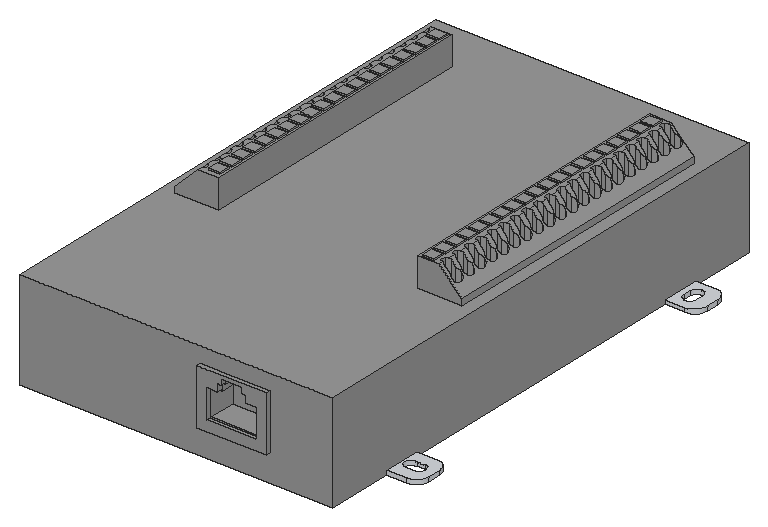
Revit family "IO Controler MS660414M", category Datengeräte, Revit 2023
Family settings
  Bemaßung runder Anschluss = Durchmesser verwenden
  Teiletyp = Normal
  OmniClass-Nummer = 23.85.50.17
  OmniClass-Titel = Communication and Data Processing Equipment
  Arbeitsebenenbasiert = Nein
  Immer vertikal = Ja
  Beim Laden mit Abzugskörper schneiden = Nein
  Beschriftungsausrichtung beibehalten = Nein
  Gemeinsam genutzt = Nein
  Raumberechnungspunkt = Nein
Parameters (values of type "I/O Controler MS660414M")
  Vorgabe-Ansicht = 0 mm
  Material 2 = Kunststoff
  Material = Metallverkleidung
  Anschluss 3 = "1x 24VDC Ausgang"
  Hersteller = "MICROSENS"
  Beschreibung = "Smart I/O Controller Digital"
  Anschluss 4 = "1x 24VDC Eingang"
  Artikelnummer = "MS660414M"
  Anschluss 5 = "1x 10/100TX RJ-45 PoE+ PD"
  Anschluss 2 = "8x I/O Output"
  Anschluss 1 = "10x I/O Input"
Reference planes
  plane 1 "Mitte (Vorne/Hinten)": y = 0
  plane 2: z = 0
  plane 3 "Mitte (Links/Rechts)": x = 0
Forms (mm)
  Extrusion 1, solid, material "Kunststoff" <- "Material 2"
    sketch origin (3.16, 4.554, 0) x (1, 0, 0) y (0, 1, 0)
      loop
        line (-41.16, 58.646) -> (-41.16, -67.754) -> (34.875, -67.754) -> (34.875, 58.646) -> (-41.16, 58.646)
    from 0 to 23.973
  Extrusion 2, solid
    sketch origin (0, -0.01, 0) x (1, 0, 0) y (0, 1, 0)
      loop
        line (-38.035, 46.952) -> (-43.035, 46.952)
        arc (-43.035, 46.952) -> (-45.157, 46.073) -> (-46.035, 43.952) r 3
        line (-46.035, 43.952) -> (-46.035, 40.752)
        arc (-46.035, 40.752) -> (-45.157, 38.631) -> (-43.035, 37.752) r 3
        line (-43.035, 37.752) -> (-38.035, 37.752) -> (-38.035, 46.952)
      loop
        arc (-42.435, 43.952) -> (-44.035, 42.352) -> (-42.435, 40.752) r 1.6
        line (-42.435, 40.752) -> (-40.435, 40.752)
        arc (-40.435, 40.752) -> (-38.835, 42.352) -> (-40.435, 43.952) r 1.6
        line (-40.435, 43.952) -> (-42.435, 43.952)
    from 0 to 1
  Extrusion 3, solid
    sketch origin (0, -0.01, 0) x (-1, 0, 0) y (0, -1, 0)
      loop
        line (-38.035, -46.952) -> (-38.035, -37.752) -> (-43.035, -37.752)
        arc (-43.035, -37.752) -> (-45.157, -38.631) -> (-46.035, -40.752) r 3
        line (-46.035, -40.752) -> (-46.035, -43.952)
        arc (-46.035, -43.952) -> (-45.157, -46.073) -> (-43.035, -46.952) r 3
        line (-43.035, -46.952) -> (-38.035, -46.952)
      loop
        arc (-42.965, -43.363) -> (-41.365, -44.963) -> (-39.765, -43.363) r 1.6
        line (-39.765, -43.363) -> (-39.765, -41.363)
        arc (-39.765, -41.363) -> (-41.365, -39.763) -> (-42.965, -41.363) r 1.6
        line (-42.965, -41.363) -> (-42.965, -43.363)
    from 0 to 1
  Extrusion 4, solid
    sketch origin (0, 0.01, 0) x (-1, 0, 0) y (0, -1, 0)
      loop
        line (-38.035, 46.952) -> (-43.035, 46.952)
        arc (-43.035, 46.952) -> (-45.157, 46.073) -> (-46.035, 43.952) r 3
        line (-46.035, 43.952) -> (-46.035, 40.752)
        arc (-46.035, 40.752) -> (-45.157, 38.631) -> (-43.035, 37.752) r 3
        line (-43.035, 37.752) -> (-38.035, 37.752) -> (-38.035, 46.952)
      loop
        arc (-42.435, 43.952) -> (-44.035, 42.352) -> (-42.435, 40.752) r 1.6
        line (-42.435, 40.752) -> (-40.435, 40.752)
        arc (-40.435, 40.752) -> (-38.835, 42.352) -> (-40.435, 43.952) r 1.6
        line (-40.435, 43.952) -> (-42.435, 43.952)
    from 0 to 1
  Extrusion 5, solid, material "Metallverkleidung" <- "Material"
    sketch origin (0, 0.01, 0) x (1, 0, 0) y (0, 1, 0)
      loop
        line (-38, -46.952) -> (-38, -37.752) -> (-43.035, -37.752)
        arc (-43.035, -37.752) -> (-45.157, -38.631) -> (-46.035, -40.752) r 3
        line (-46.035, -40.752) -> (-46.035, -43.952)
        arc (-46.035, -43.952) -> (-45.157, -46.073) -> (-43.035, -46.952) r 3
        line (-43.035, -46.952) -> (-38, -46.952)
      loop
        arc (-39.835, -41.408) -> (-41.435, -39.808) -> (-43.035, -41.408) r 1.6
        line (-43.035, -41.408) -> (-43.035, -43.408)
        arc (-43.035, -43.408) -> (-41.435, -45.008) -> (-39.835, -43.408) r 1.6
        line (-39.835, -43.408) -> (-39.835, -41.408)
    from 0 to 1
  Extrusion 6, solid, material "Kunststoff" <- "Material 2"
    sketch origin (-1.331, 0, -2.5) x (1, 0, 0) y (0, 0, 1)
      loop
        line (36.207, 26.473) -> (36.207, 27.874) -> (30.627, 33.454) -> (25.541, 33.454) -> (25.541, 26.473) -> (36.207, 26.473)
    from -50.477 to 20.023
  Extrusion 7, solid, material "Kunststoff" <- "Material 2"
    sketch origin (0, 0, 0) x (1, 0, 0) y (0, 1, 0)
      loop
        line (24.915, -19.523) -> (27.715, -19.523) -> (27.715, -16.823) -> (24.915, -16.823) -> (24.915, -19.523)
    from 30.954 to 31.282
  Extrusion 8, solid, material "Kunststoff" <- "Material 2"
    sketch origin (0, 3.5, 0) x (1, 0, 0) y (0, 1, 0)
      loop
        line (24.915, -19.523) -> (27.715, -19.523) -> (27.715, -16.823) -> (24.915, -16.823) -> (24.915, -19.523)
    from 30.954 to 31.282
  Extrusion 9, solid, material "Kunststoff" <- "Material 2"
    sketch origin (0, 7, 0) x (1, 0, 0) y (0, 1, 0)
      loop
        line (24.915, -19.523) -> (27.715, -19.523) -> (27.715, -16.823) -> (24.915, -16.823) -> (24.915, -19.523)
    from 30.954 to 31.282
  Extrusion 10, solid, material "Kunststoff" <- "Material 2"
    sketch origin (0, 10.5, 0) x (1, 0, 0) y (0, 1, 0)
      loop
        line (24.915, -19.523) -> (27.715, -19.523) -> (27.715, -16.823) -> (24.915, -16.823) -> (24.915, -19.523)
    from 30.954 to 31.282
  Extrusion 11, solid, material "Kunststoff" <- "Material 2"
    sketch origin (0, 14, 0) x (1, 0, 0) y (0, 1, 0)
      loop
        line (24.915, -19.523) -> (27.715, -19.523) -> (27.715, -16.823) -> (24.915, -16.823) -> (24.915, -19.523)
    from 30.954 to 31.282
  Extrusion 12, solid, material "Kunststoff" <- "Material 2"
    sketch origin (0, 17.5, 0) x (1, 0, 0) y (0, 1, 0)
      loop
        line (24.915, -19.523) -> (27.715, -19.523) -> (27.715, -16.823) -> (24.915, -16.823) -> (24.915, -19.523)
    from 30.954 to 31.282
  Extrusion 13, solid, material "Kunststoff" <- "Material 2"
    sketch origin (0, 21, 0) x (1, 0, 0) y (0, 1, 0)
      loop
        line (24.915, -19.523) -> (27.715, -19.523) -> (27.715, -16.823) -> (24.915, -16.823) -> (24.915, -19.523)
    from 30.954 to 31.282
  Extrusion 14, solid, material "Kunststoff" <- "Material 2"
    sketch origin (0, 24.5, 0) x (1, 0, 0) y (0, 1, 0)
      loop
        line (24.915, -19.523) -> (27.715, -19.523) -> (27.715, -16.823) -> (24.915, -16.823) -> (24.915, -19.523)
    from 30.954 to 31.282
  Extrusion 15, solid, material "Kunststoff" <- "Material 2"
    sketch origin (0, 28, 0) x (1, 0, 0) y (0, 1, 0)
      loop
        line (24.915, -19.523) -> (27.715, -19.523) -> (27.715, -16.823) -> (24.915, -16.823) -> (24.915, -19.523)
    from 30.954 to 31.282
  Extrusion 16, solid, material "Kunststoff" <- "Material 2"
    sketch origin (0, 31.5, 0) x (1, 0, 0) y (0, 1, 0)
      loop
        line (24.915, -19.523) -> (27.715, -19.523) -> (27.715, -16.823) -> (24.915, -16.823) -> (24.915, -19.523)
    from 30.954 to 31.282
  Extrusion 17, solid, material "Kunststoff" <- "Material 2"
    sketch origin (0, 35, 0) x (1, 0, 0) y (0, 1, 0)
      loop
        line (24.915, -19.523) -> (27.715, -19.523) -> (27.715, -16.823) -> (24.915, -16.823) -> (24.915, -19.523)
    from 30.954 to 31.282
  Extrusion 18, solid, material "Kunststoff" <- "Material 2"
    sketch origin (0, 38.5, 0) x (1, 0, 0) y (0, 1, 0)
      loop
        line (24.915, -19.523) -> (27.715, -19.523) -> (27.715, -16.823) -> (24.915, -16.823) -> (24.915, -19.523)
    from 30.954 to 31.282
  Extrusion 19, solid, material "Kunststoff" <- "Material 2"
    sketch origin (0, 42, 0) x (1, 0, 0) y (0, 1, 0)
      loop
        line (24.915, -19.523) -> (27.715, -19.523) -> (27.715, -16.823) -> (24.915, -16.823) -> (24.915, -19.523)
    from 30.954 to 31.282
  Extrusion 20, solid, material "Kunststoff" <- "Material 2"
    sketch origin (0, 45.5, 0) x (1, 0, 0) y (0, 1, 0)
      loop
        line (24.915, -19.523) -> (27.715, -19.523) -> (27.715, -16.823) -> (24.915, -16.823) -> (24.915, -19.523)
    from 30.954 to 31.282
  Extrusion 21, solid, material "Kunststoff" <- "Material 2"
    sketch origin (0, 49, 0) x (1, 0, 0) y (0, 1, 0)
      loop
        line (24.915, -19.523) -> (27.715, -19.523) -> (27.715, -16.823) -> (24.915, -16.823) -> (24.915, -19.523)
    from 30.954 to 31.282
  Extrusion 22, solid, material "Kunststoff" <- "Material 2"
    sketch origin (0, 52.5, 0) x (1, 0, 0) y (0, 1, 0)
      loop
        line (24.915, -19.523) -> (27.715, -19.523) -> (27.715, -16.823) -> (24.915, -16.823) -> (24.915, -19.523)
    from 30.954 to 31.282
  Extrusion 23, solid, material "Kunststoff" <- "Material 2"
    sketch origin (0, 56, 0) x (1, 0, 0) y (0, 1, 0)
      loop
        line (24.915, -19.523) -> (27.715, -19.523) -> (27.715, -16.823) -> (24.915, -16.823) -> (24.915, -19.523)
    from 30.954 to 31.282
  Extrusion 24, solid, material "Kunststoff" <- "Material 2"
    sketch origin (0, 59.5, 0) x (1, 0, 0) y (0, 1, 0)
      loop
        line (24.915, -19.523) -> (27.715, -19.523) -> (27.715, -16.823) -> (24.915, -16.823) -> (24.915, -19.523)
    from 30.954 to 31.282
  Extrusion 25, solid, material "Kunststoff" <- "Material 2"
    sketch origin (0, 63, 0) x (1, 0, 0) y (0, 1, 0)
      loop
        line (24.915, -19.523) -> (27.715, -19.523) -> (27.715, -16.823) -> (24.915, -16.823) -> (24.915, -19.523)
    from 30.954 to 31.282
  Extrusion 26, solid, material "Kunststoff" <- "Material 2"
    sketch origin (0, 66.5, 0) x (1, 0, 0) y (0, 1, 0)
      loop
        line (24.915, -19.523) -> (27.715, -19.523) -> (27.715, -16.823) -> (24.915, -16.823) -> (24.915, -19.523)
    from 30.954 to 31.282
  Extrusion 27, void
    sketch origin (8.123, 3.438, 0) x (1, 0, 0) y (0, 1, 0)
      loop
        arc (20.475, -17.212) -> (20.392, -17.759) -> (20.463, -18.308) r 1.991
        line (20.463, -18.308) -> (21.388, -18.842) -> (22.682, -18.842) -> (23.589, -19.366) -> (24.372, -19.001) -> (24.787, -18.121)
        arc (24.787, -18.121) -> (24.798, -17.59) -> (24.714, -17.066) r 3
        line (24.714, -17.066) -> (24.308, -16.315) -> (23.48, -16.014) -> (22.7, -16.561) -> (21.406, -16.561) -> (20.475, -17.212)
    from 23.973 to 33.421
  Extrusion 28, void
    sketch origin (8.123, 6.938, 0) x (1, 0, 0) y (0, 1, 0)
      loop
        arc (20.475, -17.212) -> (20.392, -17.759) -> (20.463, -18.308) r 1.991
        line (20.463, -18.308) -> (21.388, -18.842) -> (22.682, -18.842) -> (23.589, -19.366) -> (24.372, -19.001) -> (24.787, -18.121)
        arc (24.787, -18.121) -> (24.798, -17.59) -> (24.714, -17.066) r 3
        line (24.714, -17.066) -> (24.308, -16.315) -> (23.48, -16.014) -> (22.7, -16.561) -> (21.406, -16.561) -> (20.475, -17.212)
    from 23.973 to 33.421
  Extrusion 29, void
    sketch origin (8.123, 10.438, 0) x (1, 0, 0) y (0, 1, 0)
      loop
        arc (20.475, -17.212) -> (20.392, -17.759) -> (20.463, -18.308) r 1.991
        line (20.463, -18.308) -> (21.388, -18.842) -> (22.682, -18.842) -> (23.589, -19.366) -> (24.372, -19.001) -> (24.787, -18.121)
        arc (24.787, -18.121) -> (24.798, -17.59) -> (24.714, -17.066) r 3
        line (24.714, -17.066) -> (24.308, -16.315) -> (23.48, -16.014) -> (22.7, -16.561) -> (21.406, -16.561) -> (20.475, -17.212)
    from 23.973 to 33.421
  Extrusion 30, void
    sketch origin (8.123, 13.938, 0) x (1, 0, 0) y (0, 1, 0)
      loop
        arc (20.475, -17.212) -> (20.392, -17.759) -> (20.463, -18.308) r 1.991
        line (20.463, -18.308) -> (21.388, -18.842) -> (22.682, -18.842) -> (23.589, -19.366) -> (24.372, -19.001) -> (24.787, -18.121)
        arc (24.787, -18.121) -> (24.798, -17.59) -> (24.714, -17.066) r 3
        line (24.714, -17.066) -> (24.308, -16.315) -> (23.48, -16.014) -> (22.7, -16.561) -> (21.406, -16.561) -> (20.475, -17.212)
    from 23.973 to 33.421
  Extrusion 31, void
    sketch origin (8.123, 17.438, 0) x (1, 0, 0) y (0, 1, 0)
      loop
        arc (20.475, -17.212) -> (20.392, -17.759) -> (20.463, -18.308) r 1.991
        line (20.463, -18.308) -> (21.388, -18.842) -> (22.682, -18.842) -> (23.589, -19.366) -> (24.372, -19.001) -> (24.787, -18.121)
        arc (24.787, -18.121) -> (24.798, -17.59) -> (24.714, -17.066) r 3
        line (24.714, -17.066) -> (24.308, -16.315) -> (23.48, -16.014) -> (22.7, -16.561) -> (21.406, -16.561) -> (20.475, -17.212)
    from 23.973 to 33.421
  Extrusion 32, void
    sketch origin (8.123, 20.938, 0) x (1, 0, 0) y (0, 1, 0)
      loop
        arc (20.475, -17.212) -> (20.392, -17.759) -> (20.463, -18.308) r 1.991
        line (20.463, -18.308) -> (21.388, -18.842) -> (22.682, -18.842) -> (23.589, -19.366) -> (24.372, -19.001) -> (24.787, -18.121)
        arc (24.787, -18.121) -> (24.798, -17.59) -> (24.714, -17.066) r 3
        line (24.714, -17.066) -> (24.308, -16.315) -> (23.48, -16.014) -> (22.7, -16.561) -> (21.406, -16.561) -> (20.475, -17.212)
    from 23.973 to 33.421
  Extrusion 33, void
    sketch origin (8.123, 24.438, 0) x (1, 0, 0) y (0, 1, 0)
      loop
        arc (20.475, -17.212) -> (20.392, -17.759) -> (20.463, -18.308) r 1.991
        line (20.463, -18.308) -> (21.388, -18.842) -> (22.682, -18.842) -> (23.589, -19.366) -> (24.372, -19.001) -> (24.787, -18.121)
        arc (24.787, -18.121) -> (24.798, -17.59) -> (24.714, -17.066) r 3
        line (24.714, -17.066) -> (24.308, -16.315) -> (23.48, -16.014) -> (22.7, -16.561) -> (21.406, -16.561) -> (20.475, -17.212)
    from 23.973 to 33.421
  Extrusion 34, void
    sketch origin (8.123, 27.938, 0) x (1, 0, 0) y (0, 1, 0)
      loop
        arc (20.475, -17.212) -> (20.392, -17.759) -> (20.463, -18.308) r 1.991
        line (20.463, -18.308) -> (21.388, -18.842) -> (22.682, -18.842) -> (23.589, -19.366) -> (24.372, -19.001) -> (24.787, -18.121)
        arc (24.787, -18.121) -> (24.798, -17.59) -> (24.714, -17.066) r 3
        line (24.714, -17.066) -> (24.308, -16.315) -> (23.48, -16.014) -> (22.7, -16.561) -> (21.406, -16.561) -> (20.475, -17.212)
    from 23.973 to 33.421
  Extrusion 35, void
    sketch origin (8.123, 31.438, 0) x (1, 0, 0) y (0, 1, 0)
      loop
        arc (20.475, -17.212) -> (20.392, -17.759) -> (20.463, -18.308) r 1.991
        line (20.463, -18.308) -> (21.388, -18.842) -> (22.682, -18.842) -> (23.589, -19.366) -> (24.372, -19.001) -> (24.787, -18.121)
        arc (24.787, -18.121) -> (24.798, -17.59) -> (24.714, -17.066) r 3
        line (24.714, -17.066) -> (24.308, -16.315) -> (23.48, -16.014) -> (22.7, -16.561) -> (21.406, -16.561) -> (20.475, -17.212)
    from 23.973 to 33.421
  Extrusion 36, void
    sketch origin (8.123, 34.938, 0) x (1, 0, 0) y (0, 1, 0)
      loop
        arc (20.475, -17.212) -> (20.392, -17.759) -> (20.463, -18.308) r 1.991
        line (20.463, -18.308) -> (21.388, -18.842) -> (22.682, -18.842) -> (23.589, -19.366) -> (24.372, -19.001) -> (24.787, -18.121)
        arc (24.787, -18.121) -> (24.798, -17.59) -> (24.714, -17.066) r 3
        line (24.714, -17.066) -> (24.308, -16.315) -> (23.48, -16.014) -> (22.7, -16.561) -> (21.406, -16.561) -> (20.475, -17.212)
    from 23.973 to 33.421
  Extrusion 37, void
    sketch origin (8.123, 38.438, 0) x (1, 0, 0) y (0, 1, 0)
      loop
        arc (20.475, -17.212) -> (20.392, -17.759) -> (20.463, -18.308) r 1.991
        line (20.463, -18.308) -> (21.388, -18.842) -> (22.682, -18.842) -> (23.589, -19.366) -> (24.372, -19.001) -> (24.787, -18.121)
        arc (24.787, -18.121) -> (24.798, -17.59) -> (24.714, -17.066) r 3
        line (24.714, -17.066) -> (24.308, -16.315) -> (23.48, -16.014) -> (22.7, -16.561) -> (21.406, -16.561) -> (20.475, -17.212)
    from 23.973 to 33.421
  Extrusion 38, void
    sketch origin (8.123, 41.938, 0) x (1, 0, 0) y (0, 1, 0)
      loop
        arc (20.475, -17.212) -> (20.392, -17.759) -> (20.463, -18.308) r 1.991
        line (20.463, -18.308) -> (21.388, -18.842) -> (22.682, -18.842) -> (23.589, -19.366) -> (24.372, -19.001) -> (24.787, -18.121)
        arc (24.787, -18.121) -> (24.798, -17.59) -> (24.714, -17.066) r 3
        line (24.714, -17.066) -> (24.308, -16.315) -> (23.48, -16.014) -> (22.7, -16.561) -> (21.406, -16.561) -> (20.475, -17.212)
    from 23.973 to 33.421
  Extrusion 39, void
    sketch origin (8.123, 45.438, 0) x (1, 0, 0) y (0, 1, 0)
      loop
        arc (20.475, -17.212) -> (20.392, -17.759) -> (20.463, -18.308) r 1.991
        line (20.463, -18.308) -> (21.388, -18.842) -> (22.682, -18.842) -> (23.589, -19.366) -> (24.372, -19.001) -> (24.787, -18.121)
        arc (24.787, -18.121) -> (24.798, -17.59) -> (24.714, -17.066) r 3
        line (24.714, -17.066) -> (24.308, -16.315) -> (23.48, -16.014) -> (22.7, -16.561) -> (21.406, -16.561) -> (20.475, -17.212)
    from 23.973 to 33.421
  Extrusion 40, void
    sketch origin (8.123, 48.938, 0) x (1, 0, 0) y (0, 1, 0)
      loop
        arc (20.475, -17.212) -> (20.392, -17.759) -> (20.463, -18.308) r 1.991
        line (20.463, -18.308) -> (21.388, -18.842) -> (22.682, -18.842) -> (23.589, -19.366) -> (24.372, -19.001) -> (24.787, -18.121)
        arc (24.787, -18.121) -> (24.798, -17.59) -> (24.714, -17.066) r 3
        line (24.714, -17.066) -> (24.308, -16.315) -> (23.48, -16.014) -> (22.7, -16.561) -> (21.406, -16.561) -> (20.475, -17.212)
    from 23.973 to 33.421
  Extrusion 41, void
    sketch origin (8.123, 52.438, 0) x (1, 0, 0) y (0, 1, 0)
      loop
        arc (20.475, -17.212) -> (20.392, -17.759) -> (20.463, -18.308) r 1.991
        line (20.463, -18.308) -> (21.388, -18.842) -> (22.682, -18.842) -> (23.589, -19.366) -> (24.372, -19.001) -> (24.787, -18.121)
        arc (24.787, -18.121) -> (24.798, -17.59) -> (24.714, -17.066) r 3
        line (24.714, -17.066) -> (24.308, -16.315) -> (23.48, -16.014) -> (22.7, -16.561) -> (21.406, -16.561) -> (20.475, -17.212)
    from 23.973 to 33.421
  Extrusion 42, void
    sketch origin (8.123, 55.938, 0) x (1, 0, 0) y (0, 1, 0)
      loop
        arc (20.475, -17.212) -> (20.392, -17.759) -> (20.463, -18.308) r 1.991
        line (20.463, -18.308) -> (21.388, -18.842) -> (22.682, -18.842) -> (23.589, -19.366) -> (24.372, -19.001) -> (24.787, -18.121)
        arc (24.787, -18.121) -> (24.798, -17.59) -> (24.714, -17.066) r 3
        line (24.714, -17.066) -> (24.308, -16.315) -> (23.48, -16.014) -> (22.7, -16.561) -> (21.406, -16.561) -> (20.475, -17.212)
    from 23.973 to 33.421
  Extrusion 43, void
    sketch origin (8.123, 59.438, 0) x (1, 0, 0) y (0, 1, 0)
      loop
        arc (20.475, -17.212) -> (20.392, -17.759) -> (20.463, -18.308) r 1.991
        line (20.463, -18.308) -> (21.388, -18.842) -> (22.682, -18.842) -> (23.589, -19.366) -> (24.372, -19.001) -> (24.787, -18.121)
        arc (24.787, -18.121) -> (24.798, -17.59) -> (24.714, -17.066) r 3
        line (24.714, -17.066) -> (24.308, -16.315) -> (23.48, -16.014) -> (22.7, -16.561) -> (21.406, -16.561) -> (20.475, -17.212)
    from 23.973 to 33.421
  Extrusion 44, void
    sketch origin (8.123, 62.938, 0) x (1, 0, 0) y (0, 1, 0)
      loop
        arc (20.475, -17.212) -> (20.392, -17.759) -> (20.463, -18.308) r 1.991
        line (20.463, -18.308) -> (21.388, -18.842) -> (22.682, -18.842) -> (23.589, -19.366) -> (24.372, -19.001) -> (24.787, -18.121)
        arc (24.787, -18.121) -> (24.798, -17.59) -> (24.714, -17.066) r 3
        line (24.714, -17.066) -> (24.308, -16.315) -> (23.48, -16.014) -> (22.7, -16.561) -> (21.406, -16.561) -> (20.475, -17.212)
    from 23.973 to 33.421
  Extrusion 45, void
    sketch origin (8.12, 66.501, 0) x (1, 0, 0) y (0, 1, 0)
      loop
        arc (20.475, -17.212) -> (20.392, -17.759) -> (20.463, -18.308) r 1.991
        line (20.463, -18.308) -> (21.388, -18.842) -> (22.682, -18.842) -> (23.589, -19.366) -> (24.372, -19.001) -> (24.787, -18.121)
        arc (24.787, -18.121) -> (24.798, -17.59) -> (24.714, -17.066) r 3
        line (24.714, -17.066) -> (24.308, -16.315) -> (23.48, -16.014) -> (22.7, -16.561) -> (21.406, -16.561) -> (20.475, -17.212)
    from 23.973 to 33.421
  Extrusion 46, void
    sketch origin (8.125, -0.119, 0) x (1, 0, 0) y (0, 1, 0)
      loop
        arc (20.475, -17.212) -> (20.392, -17.759) -> (20.463, -18.308) r 1.991
        line (20.463, -18.308) -> (21.388, -18.842) -> (22.682, -18.842) -> (23.589, -19.366) -> (24.372, -19.001) -> (24.787, -18.121)
        arc (24.787, -18.121) -> (24.798, -17.59) -> (24.714, -17.066) r 3
        line (24.714, -17.066) -> (24.308, -16.315) -> (23.48, -16.014) -> (22.7, -16.561) -> (21.406, -16.561) -> (20.475, -17.212)
    from 23.973 to 33.421
  Extrusion 47, solid, material "Kunststoff" <- "Material 2"
    sketch origin (1.26, 30.954, -2.5) x (-1, 0, 0) y (0, 0, 1)
      loop
        line (36.207, 26.473) -> (36.207, 27.874) -> (30.627, 33.454) -> (25.541, 33.454) -> (25.541, 26.473) -> (36.207, 26.473)
    from -50.977 to 20.023
  Extrusion 48, solid, material "Kunststoff" <- "Material 2"
    sketch origin (-0.071, 30.954, 0) x (-1, 0, 0) y (0, -1, 0)
      loop
        line (24.915, -19.523) -> (27.715, -19.523) -> (27.715, -16.823) -> (24.915, -16.823) -> (24.915, -19.523)
    from 30.954 to 31.282
  Extrusion 49, solid, material "Kunststoff" <- "Material 2"
    sketch origin (-0.071, 27.454, 0) x (-1, 0, 0) y (0, -1, 0)
      loop
        line (24.915, -19.523) -> (27.715, -19.523) -> (27.715, -16.823) -> (24.915, -16.823) -> (24.915, -19.523)
    from 30.954 to 31.282
  Extrusion 50, solid, material "Kunststoff" <- "Material 2"
    sketch origin (-0.071, 23.954, 0) x (-1, 0, 0) y (0, -1, 0)
      loop
        line (24.915, -19.523) -> (27.715, -19.523) -> (27.715, -16.823) -> (24.915, -16.823) -> (24.915, -19.523)
    from 30.954 to 31.282
  Extrusion 51, solid, material "Kunststoff" <- "Material 2"
    sketch origin (-0.071, 20.454, 0) x (-1, 0, 0) y (0, -1, 0)
      loop
        line (24.915, -19.523) -> (27.715, -19.523) -> (27.715, -16.823) -> (24.915, -16.823) -> (24.915, -19.523)
    from 30.954 to 31.282
  Extrusion 52, solid, material "Kunststoff" <- "Material 2"
    sketch origin (-0.071, 16.954, 0) x (-1, 0, 0) y (0, -1, 0)
      loop
        line (24.915, -19.523) -> (27.715, -19.523) -> (27.715, -16.823) -> (24.915, -16.823) -> (24.915, -19.523)
    from 30.954 to 31.282
  Extrusion 53, solid, material "Kunststoff" <- "Material 2"
    sketch origin (-0.071, 13.454, 0) x (-1, 0, 0) y (0, -1, 0)
      loop
        line (24.915, -19.523) -> (27.715, -19.523) -> (27.715, -16.823) -> (24.915, -16.823) -> (24.915, -19.523)
    from 30.954 to 31.282
  Extrusion 54, solid, material "Kunststoff" <- "Material 2"
    sketch origin (-0.071, 9.954, 0) x (-1, 0, 0) y (0, -1, 0)
      loop
        line (24.915, -19.523) -> (27.715, -19.523) -> (27.715, -16.823) -> (24.915, -16.823) -> (24.915, -19.523)
    from 30.954 to 31.282
  Extrusion 55, solid, material "Kunststoff" <- "Material 2"
    sketch origin (-0.071, 6.454, 0) x (-1, 0, 0) y (0, -1, 0)
      loop
        line (24.915, -19.523) -> (27.715, -19.523) -> (27.715, -16.823) -> (24.915, -16.823) -> (24.915, -19.523)
    from 30.954 to 31.282
  Extrusion 56, solid, material "Kunststoff" <- "Material 2"
    sketch origin (-0.071, 2.954, 0) x (-1, 0, 0) y (0, -1, 0)
      loop
        line (24.915, -19.523) -> (27.715, -19.523) -> (27.715, -16.823) -> (24.915, -16.823) -> (24.915, -19.523)
    from 30.954 to 31.282
  Extrusion 57, solid, material "Kunststoff" <- "Material 2"
    sketch origin (-0.071, -0.546, 0) x (-1, 0, 0) y (0, -1, 0)
      loop
        line (24.915, -19.523) -> (27.715, -19.523) -> (27.715, -16.823) -> (24.915, -16.823) -> (24.915, -19.523)
    from 30.954 to 31.282
  Extrusion 58, solid, material "Kunststoff" <- "Material 2"
    sketch origin (-0.071, -4.046, 0) x (-1, 0, 0) y (0, -1, 0)
      loop
        line (24.915, -19.523) -> (27.715, -19.523) -> (27.715, -16.823) -> (24.915, -16.823) -> (24.915, -19.523)
    from 30.954 to 31.282
  Extrusion 59, solid, material "Kunststoff" <- "Material 2"
    sketch origin (-0.071, -7.546, 0) x (-1, 0, 0) y (0, -1, 0)
      loop
        line (24.915, -19.523) -> (27.715, -19.523) -> (27.715, -16.823) -> (24.915, -16.823) -> (24.915, -19.523)
    from 30.954 to 31.282
  Extrusion 60, solid, material "Kunststoff" <- "Material 2"
    sketch origin (-0.071, -11.046, 0) x (-1, 0, 0) y (0, -1, 0)
      loop
        line (24.915, -19.523) -> (27.715, -19.523) -> (27.715, -16.823) -> (24.915, -16.823) -> (24.915, -19.523)
    from 30.954 to 31.282
  Extrusion 61, solid, material "Kunststoff" <- "Material 2"
    sketch origin (-0.071, -14.546, 0) x (-1, 0, 0) y (0, -1, 0)
      loop
        line (24.915, -19.523) -> (27.715, -19.523) -> (27.715, -16.823) -> (24.915, -16.823) -> (24.915, -19.523)
    from 30.954 to 31.282
  Extrusion 62, solid, material "Kunststoff" <- "Material 2"
    sketch origin (-0.071, -18.046, 0) x (-1, 0, 0) y (0, -1, 0)
      loop
        line (24.915, -19.523) -> (27.715, -19.523) -> (27.715, -16.823) -> (24.915, -16.823) -> (24.915, -19.523)
    from 30.954 to 31.282
  Extrusion 63, solid, material "Kunststoff" <- "Material 2"
    sketch origin (-0.071, -21.546, 0) x (-1, 0, 0) y (0, -1, 0)
      loop
        line (24.915, -19.523) -> (27.715, -19.523) -> (27.715, -16.823) -> (24.915, -16.823) -> (24.915, -19.523)
    from 30.954 to 31.282
  Extrusion 64, solid, material "Kunststoff" <- "Material 2"
    sketch origin (-0.071, -25.046, 0) x (-1, 0, 0) y (0, -1, 0)
      loop
        line (24.915, -19.523) -> (27.715, -19.523) -> (27.715, -16.823) -> (24.915, -16.823) -> (24.915, -19.523)
    from 30.954 to 31.282
  Extrusion 65, solid, material "Kunststoff" <- "Material 2"
    sketch origin (-0.071, -28.546, 0) x (-1, 0, 0) y (0, -1, 0)
      loop
        line (24.915, -19.523) -> (27.715, -19.523) -> (27.715, -16.823) -> (24.915, -16.823) -> (24.915, -19.523)
    from 30.954 to 31.282
  Extrusion 66, solid, material "Kunststoff" <- "Material 2"
    sketch origin (-0.071, -32.046, 0) x (-1, 0, 0) y (0, -1, 0)
      loop
        line (24.915, -19.523) -> (27.715, -19.523) -> (27.715, -16.823) -> (24.915, -16.823) -> (24.915, -19.523)
    from 30.954 to 31.282
  Extrusion 67, solid, material "Kunststoff" <- "Material 2"
    sketch origin (-0.071, -35.546, 0) x (-1, 0, 0) y (0, -1, 0)
      loop
        line (24.915, -19.523) -> (27.715, -19.523) -> (27.715, -16.823) -> (24.915, -16.823) -> (24.915, -19.523)
    from 30.954 to 31.282
  Extrusion 68, void
    sketch origin (-8.194, 27.868, 0) x (-1, 0, 0) y (0, -1, 0)
      loop
        arc (20.475, -17.212) -> (20.392, -17.759) -> (20.463, -18.308) r 1.991
        line (20.463, -18.308) -> (21.388, -18.842) -> (22.682, -18.842) -> (23.589, -19.366) -> (24.372, -19.001) -> (24.787, -18.121)
        arc (24.787, -18.121) -> (24.798, -17.59) -> (24.714, -17.066) r 3
        line (24.714, -17.066) -> (24.308, -16.315) -> (23.48, -16.014) -> (22.7, -16.561) -> (21.406, -16.561) -> (20.475, -17.212)
    from 23.973 to 33.421
  Extrusion 69, void
    sketch origin (-8.194, 31.399, 0) x (-1, 0, 0) y (0, -1, 0)
      loop
        arc (20.475, -17.212) -> (20.392, -17.759) -> (20.463, -18.308) r 1.991
        line (20.463, -18.308) -> (21.388, -18.842) -> (22.682, -18.842) -> (23.589, -19.366) -> (24.372, -19.001) -> (24.787, -18.121)
        arc (24.787, -18.121) -> (24.798, -17.59) -> (24.714, -17.066) r 3
        line (24.714, -17.066) -> (24.308, -16.315) -> (23.48, -16.014) -> (22.7, -16.561) -> (21.406, -16.561) -> (20.475, -17.212)
    from 23.973 to 33.421
  Extrusion 70, void
    sketch origin (-8.194, 24.354, 0) x (-1, 0, 0) y (0, -1, 0)
      loop
        arc (20.475, -17.212) -> (20.392, -17.759) -> (20.463, -18.308) r 1.991
        line (20.463, -18.308) -> (21.388, -18.842) -> (22.682, -18.842) -> (23.589, -19.366) -> (24.372, -19.001) -> (24.787, -18.121)
        arc (24.787, -18.121) -> (24.798, -17.59) -> (24.714, -17.066) r 3
        line (24.714, -17.066) -> (24.308, -16.315) -> (23.48, -16.014) -> (22.7, -16.561) -> (21.406, -16.561) -> (20.475, -17.212)
    from 23.973 to 33.421
  Extrusion 71, void
    sketch origin (-8.198, 20.804, 0) x (-1, 0, 0) y (0, -1, 0)
      loop
        arc (20.475, -17.212) -> (20.392, -17.759) -> (20.463, -18.308) r 1.991
        line (20.463, -18.308) -> (21.388, -18.842) -> (22.682, -18.842) -> (23.589, -19.366) -> (24.372, -19.001) -> (24.787, -18.121)
        arc (24.787, -18.121) -> (24.798, -17.59) -> (24.714, -17.066) r 3
        line (24.714, -17.066) -> (24.308, -16.315) -> (23.48, -16.014) -> (22.7, -16.561) -> (21.406, -16.561) -> (20.475, -17.212)
    from 23.973 to 33.421
  Extrusion 72, void
    sketch origin (-8.198, 17.21, 0) x (-1, 0, 0) y (0, -1, 0)
      loop
        arc (20.475, -17.212) -> (20.392, -17.759) -> (20.463, -18.308) r 1.991
        line (20.463, -18.308) -> (21.388, -18.842) -> (22.682, -18.842) -> (23.589, -19.366) -> (24.372, -19.001) -> (24.787, -18.121)
        arc (24.787, -18.121) -> (24.798, -17.59) -> (24.714, -17.066) r 3
        line (24.714, -17.066) -> (24.308, -16.315) -> (23.48, -16.014) -> (22.7, -16.561) -> (21.406, -16.561) -> (20.475, -17.212)
    from 23.973 to 33.421
  Extrusion 73, void
    sketch origin (-8.198, 13.694, 0) x (-1, 0, 0) y (0, -1, 0)
      loop
        arc (20.475, -17.212) -> (20.392, -17.759) -> (20.463, -18.308) r 1.991
        line (20.463, -18.308) -> (21.388, -18.842) -> (22.682, -18.842) -> (23.589, -19.366) -> (24.372, -19.001) -> (24.787, -18.121)
        arc (24.787, -18.121) -> (24.798, -17.59) -> (24.714, -17.066) r 3
        line (24.714, -17.066) -> (24.308, -16.315) -> (23.48, -16.014) -> (22.7, -16.561) -> (21.406, -16.561) -> (20.475, -17.212)
    from 23.973 to 33.421
  Extrusion 74, void
    sketch origin (-8.198, 10.087, 0) x (-1, 0, 0) y (0, -1, 0)
      loop
        arc (20.475, -17.212) -> (20.392, -17.759) -> (20.463, -18.308) r 1.991
        line (20.463, -18.308) -> (21.388, -18.842) -> (22.682, -18.842) -> (23.589, -19.366) -> (24.372, -19.001) -> (24.787, -18.121)
        arc (24.787, -18.121) -> (24.798, -17.59) -> (24.714, -17.066) r 3
        line (24.714, -17.066) -> (24.308, -16.315) -> (23.48, -16.014) -> (22.7, -16.561) -> (21.406, -16.561) -> (20.475, -17.212)
    from 23.973 to 33.421
  Extrusion 75, void
    sketch origin (-8.194, 3.031, 0) x (-1, 0, 0) y (0, -1, 0)
      loop
        arc (20.475, -17.212) -> (20.392, -17.759) -> (20.463, -18.308) r 1.991
        line (20.463, -18.308) -> (21.388, -18.842) -> (22.682, -18.842) -> (23.589, -19.366) -> (24.372, -19.001) -> (24.787, -18.121)
        arc (24.787, -18.121) -> (24.798, -17.59) -> (24.714, -17.066) r 3
        line (24.714, -17.066) -> (24.308, -16.315) -> (23.48, -16.014) -> (22.7, -16.561) -> (21.406, -16.561) -> (20.475, -17.212)
    from 23.973 to 33.421
  Extrusion 76, void
    sketch origin (-8.194, 6.562, 0) x (-1, 0, 0) y (0, -1, 0)
      loop
        arc (20.475, -17.212) -> (20.392, -17.759) -> (20.463, -18.308) r 1.991
        line (20.463, -18.308) -> (21.388, -18.842) -> (22.682, -18.842) -> (23.589, -19.366) -> (24.372, -19.001) -> (24.787, -18.121)
        arc (24.787, -18.121) -> (24.798, -17.59) -> (24.714, -17.066) r 3
        line (24.714, -17.066) -> (24.308, -16.315) -> (23.48, -16.014) -> (22.7, -16.561) -> (21.406, -16.561) -> (20.475, -17.212)
    from 23.973 to 33.421
  Extrusion 77, void
    sketch origin (-8.194, -0.482, 0) x (-1, 0, 0) y (0, -1, 0)
      loop
        arc (20.475, -17.212) -> (20.392, -17.759) -> (20.463, -18.308) r 1.991
        line (20.463, -18.308) -> (21.388, -18.842) -> (22.682, -18.842) -> (23.589, -19.366) -> (24.372, -19.001) -> (24.787, -18.121)
        arc (24.787, -18.121) -> (24.798, -17.59) -> (24.714, -17.066) r 3
        line (24.714, -17.066) -> (24.308, -16.315) -> (23.48, -16.014) -> (22.7, -16.561) -> (21.406, -16.561) -> (20.475, -17.212)
    from 23.973 to 33.421
  Extrusion 78, void
    sketch origin (-8.198, -4.033, 0) x (-1, 0, 0) y (0, -1, 0)
      loop
        arc (20.475, -17.212) -> (20.392, -17.759) -> (20.463, -18.308) r 1.991
        line (20.463, -18.308) -> (21.388, -18.842) -> (22.682, -18.842) -> (23.589, -19.366) -> (24.372, -19.001) -> (24.787, -18.121)
        arc (24.787, -18.121) -> (24.798, -17.59) -> (24.714, -17.066) r 3
        line (24.714, -17.066) -> (24.308, -16.315) -> (23.48, -16.014) -> (22.7, -16.561) -> (21.406, -16.561) -> (20.475, -17.212)
    from 23.973 to 33.421
  Extrusion 79, void
    sketch origin (-8.198, -7.549, 0) x (-1, 0, 0) y (0, -1, 0)
      loop
        arc (20.475, -17.212) -> (20.392, -17.759) -> (20.463, -18.308) r 1.991
        line (20.463, -18.308) -> (21.388, -18.842) -> (22.682, -18.842) -> (23.589, -19.366) -> (24.372, -19.001) -> (24.787, -18.121)
        arc (24.787, -18.121) -> (24.798, -17.59) -> (24.714, -17.066) r 3
        line (24.714, -17.066) -> (24.308, -16.315) -> (23.48, -16.014) -> (22.7, -16.561) -> (21.406, -16.561) -> (20.475, -17.212)
    from 23.973 to 33.421
  Extrusion 80, void
    sketch origin (-8.198, -11.046, 0) x (-1, 0, 0) y (0, -1, 0)
      loop
        arc (20.475, -17.212) -> (20.392, -17.759) -> (20.463, -18.308) r 1.991
        line (20.463, -18.308) -> (21.388, -18.842) -> (22.682, -18.842) -> (23.589, -19.366) -> (24.372, -19.001) -> (24.787, -18.121)
        arc (24.787, -18.121) -> (24.798, -17.59) -> (24.714, -17.066) r 3
        line (24.714, -17.066) -> (24.308, -16.315) -> (23.48, -16.014) -> (22.7, -16.561) -> (21.406, -16.561) -> (20.475, -17.212)
    from 23.973 to 33.421
  Extrusion 81, void
    sketch origin (-8.198, -14.555, 0) x (-1, 0, 0) y (0, -1, 0)
      loop
        arc (20.475, -17.212) -> (20.392, -17.759) -> (20.463, -18.308) r 1.991
        line (20.463, -18.308) -> (21.388, -18.842) -> (22.682, -18.842) -> (23.589, -19.366) -> (24.372, -19.001) -> (24.787, -18.121)
        arc (24.787, -18.121) -> (24.798, -17.59) -> (24.714, -17.066) r 3
        line (24.714, -17.066) -> (24.308, -16.315) -> (23.48, -16.014) -> (22.7, -16.561) -> (21.406, -16.561) -> (20.475, -17.212)
    from 23.973 to 33.421
  Extrusion 82, void
    sketch origin (-8.198, -18.063, 0) x (-1, 0, 0) y (0, -1, 0)
      loop
        arc (20.475, -17.212) -> (20.392, -17.759) -> (20.463, -18.308) r 1.991
        line (20.463, -18.308) -> (21.388, -18.842) -> (22.682, -18.842) -> (23.589, -19.366) -> (24.372, -19.001) -> (24.787, -18.121)
        arc (24.787, -18.121) -> (24.798, -17.59) -> (24.714, -17.066) r 3
        line (24.714, -17.066) -> (24.308, -16.315) -> (23.48, -16.014) -> (22.7, -16.561) -> (21.406, -16.561) -> (20.475, -17.212)
    from 23.973 to 33.421
  Extrusion 83, void
    sketch origin (-8.198, -21.56, 0) x (-1, 0, 0) y (0, -1, 0)
      loop
        arc (20.475, -17.212) -> (20.392, -17.759) -> (20.463, -18.308) r 1.991
        line (20.463, -18.308) -> (21.388, -18.842) -> (22.682, -18.842) -> (23.589, -19.366) -> (24.372, -19.001) -> (24.787, -18.121)
        arc (24.787, -18.121) -> (24.798, -17.59) -> (24.714, -17.066) r 3
        line (24.714, -17.066) -> (24.308, -16.315) -> (23.48, -16.014) -> (22.7, -16.561) -> (21.406, -16.561) -> (20.475, -17.212)
    from 23.973 to 33.421
  Extrusion 84, void
    sketch origin (-8.198, -25.06, 0) x (-1, 0, 0) y (0, -1, 0)
      loop
        arc (20.475, -17.212) -> (20.392, -17.759) -> (20.463, -18.308) r 1.991
        line (20.463, -18.308) -> (21.388, -18.842) -> (22.682, -18.842) -> (23.589, -19.366) -> (24.372, -19.001) -> (24.787, -18.121)
        arc (24.787, -18.121) -> (24.798, -17.59) -> (24.714, -17.066) r 3
        line (24.714, -17.066) -> (24.308, -16.315) -> (23.48, -16.014) -> (22.7, -16.561) -> (21.406, -16.561) -> (20.475, -17.212)
    from 23.973 to 33.421
  Extrusion 85, void
    sketch origin (-8.153, -28.581, 0) x (-1, 0, 0) y (0, -1, 0)
      loop
        arc (20.475, -17.212) -> (20.392, -17.759) -> (20.463, -18.308) r 1.991
        line (20.463, -18.308) -> (21.388, -18.842) -> (22.682, -18.842) -> (23.589, -19.366) -> (24.372, -19.001) -> (24.787, -18.121)
        arc (24.787, -18.121) -> (24.798, -17.59) -> (24.714, -17.066) r 3
        line (24.714, -17.066) -> (24.308, -16.315) -> (23.48, -16.014) -> (22.7, -16.561) -> (21.406, -16.561) -> (20.475, -17.212)
    from 23.973 to 33.421
  Extrusion 86, void
    sketch origin (-8.153, -32.078, 0) x (-1, 0, 0) y (0, -1, 0)
      loop
        arc (20.475, -17.212) -> (20.392, -17.759) -> (20.463, -18.308) r 1.991
        line (20.463, -18.308) -> (21.388, -18.842) -> (22.682, -18.842) -> (23.589, -19.366) -> (24.372, -19.001) -> (24.787, -18.121)
        arc (24.787, -18.121) -> (24.798, -17.59) -> (24.714, -17.066) r 3
        line (24.714, -17.066) -> (24.308, -16.315) -> (23.48, -16.014) -> (22.7, -16.561) -> (21.406, -16.561) -> (20.475, -17.212)
    from 23.973 to 33.421
  Extrusion 87, void
    sketch origin (-8.153, -35.578, 0) x (-1, 0, 0) y (0, -1, 0)
      loop
        arc (20.475, -17.212) -> (20.392, -17.759) -> (20.463, -18.308) r 1.991
        line (20.463, -18.308) -> (21.388, -18.842) -> (22.682, -18.842) -> (23.589, -19.366) -> (24.372, -19.001) -> (24.787, -18.121)
        arc (24.787, -18.121) -> (24.798, -17.59) -> (24.714, -17.066) r 3
        line (24.714, -17.066) -> (24.308, -16.315) -> (23.48, -16.014) -> (22.7, -16.561) -> (21.406, -16.561) -> (20.475, -17.212)
    from 23.973 to 33.421
  Extrusion 88, solid, material "Kunststoff" <- "Material 2"
    sketch origin (0, 0, 0) x (1, 0, 0) y (0, 0, 1)
      loop
        line (5.836, 20.106) -> (5.836, 6.606) -> (22.836, 6.606) -> (22.836, 20.106) -> (5.836, 20.106)
      loop
        line (11.886, 19.256) -> (11.886, 17.966) -> (10.986, 17.966) -> (10.986, 16.236) -> (8.181, 16.236) -> (8.181, 9.006) -> (20.491, 9.006) -> (20.491, 16.236) -> (17.686, 16.236) -> (17.686, 17.966) -> (16.786, 17.966) -> (16.786, 19.256) -> (11.886, 19.256)
    from 53.463 to 64.334
  Extrusion 89, void
    sketch origin (0, 0, 0) x (1, 0, 0) y (0, 0, 1)
      loop
        line (12.086, 18.856) -> (12.086, 17.764) -> (11.186, 17.764) -> (11.186, 16.036) -> (8.381, 16.036) -> (8.381, 9.221) -> (20.259, 9.221) -> (20.259, 16.036) -> (17.486, 16.036) -> (17.486, 17.764) -> (16.586, 17.764) -> (16.586, 18.856) -> (12.086, 18.856)
    from 56.493 to 65.98
Cuts and joins
  Extrusion 27, Extrusion 28, Extrusion 29, Extrusion 30, Extrusion 31, Extrusion 32, Extrusion 33, Extrusion 34, Extrusion 35, Extrusion 36, Extrusion 37, Extrusion 38, Extrusion 39, Extrusion 40, Extrusion 41, Extrusion 42, Extrusion 43, Extrusion 44, Extrusion 45, Extrusion 46, Extrusion 68, Extrusion 69, Extrusion 70, Extrusion 71, Extrusion 72, Extrusion 73, Extrusion 74, Extrusion 75, Extrusion 76, Extrusion 77, Extrusion 78, Extrusion 79, Extrusion 80, Extrusion 81, Extrusion 82, Extrusion 83, Extrusion 84, Extrusion 85, Extrusion 86, Extrusion 87, Extrusion 89 cuts Extrusion 1
  Extrusion 27, Extrusion 28, Extrusion 29, Extrusion 30, Extrusion 31, Extrusion 32, Extrusion 33, Extrusion 34, Extrusion 35, Extrusion 36, Extrusion 37, Extrusion 38, Extrusion 39, Extrusion 40, Extrusion 41, Extrusion 42, Extrusion 43, Extrusion 44, Extrusion 45, Extrusion 46, Extrusion 68 cuts Extrusion 6
  joined: Extrusion 1, Extrusion 6, Extrusion 88
  Extrusion 68, Extrusion 69, Extrusion 70, Extrusion 71, Extrusion 72, Extrusion 73, Extrusion 74, Extrusion 75, Extrusion 76, Extrusion 77, Extrusion 78, Extrusion 79, Extrusion 80, Extrusion 81, Extrusion 82, Extrusion 83, Extrusion 84, Extrusion 85, Extrusion 86, Extrusion 87 cuts Extrusion 47
Lines and regions (mm)
  model lines
    curve 1: line (28.515, -17.773, 0) -> (34.513, -17.773, 0)
    curve 2: line (28.515, -17.773, 0) -> (34.513, -17.773, 0)
Dimensions and locks
  angle Extrusion 27 sketch curve to Extrusion 27 sketch curve = 31.9626°
  angle Extrusion 28 sketch curve to Extrusion 28 sketch curve = 31.9626°
  angle Extrusion 29 sketch curve to Extrusion 29 sketch curve = 31.9626°
  angle Extrusion 30 sketch curve to Extrusion 30 sketch curve = 31.9626°
  angle Extrusion 31 sketch curve to Extrusion 31 sketch curve = 31.9626°
  angle Extrusion 32 sketch curve to Extrusion 32 sketch curve = 31.9626°
  angle Extrusion 33 sketch curve to Extrusion 33 sketch curve = 31.9626°
  angle Extrusion 34 sketch curve to Extrusion 34 sketch curve = 31.9626°
  angle Extrusion 35 sketch curve to Extrusion 35 sketch curve = 31.9626°
  angle Extrusion 36 sketch curve to Extrusion 36 sketch curve = 31.9626°
  angle Extrusion 37 sketch curve to Extrusion 37 sketch curve = 31.9626°
  angle Extrusion 38 sketch curve to Extrusion 38 sketch curve = 31.9626°
  angle Extrusion 39 sketch curve to Extrusion 39 sketch curve = 31.9626°
  angle Extrusion 40 sketch curve to Extrusion 40 sketch curve = 31.9626°
  angle Extrusion 41 sketch curve to Extrusion 41 sketch curve = 31.9626°
  angle Extrusion 42 sketch curve to Extrusion 42 sketch curve = 31.9626°
  angle Extrusion 43 sketch curve to Extrusion 43 sketch curve = 31.9626°
  angle Extrusion 44 sketch curve to Extrusion 44 sketch curve = 31.9626°
  angle Extrusion 45 sketch curve to Extrusion 45 sketch curve = 31.9626°
  angle Extrusion 46 sketch curve to Extrusion 46 sketch curve = 31.9626°
  angle Extrusion 68 sketch curve to Extrusion 68 sketch curve = 328.037°
  angle Extrusion 69 sketch curve to Extrusion 69 sketch curve = 328.037°
  angle Extrusion 70 sketch curve to Extrusion 70 sketch curve = 328.037°
  angle Extrusion 71 sketch curve to Extrusion 71 sketch curve = 328.037°
  angle Extrusion 72 sketch curve to Extrusion 72 sketch curve = 328.037°
  angle Extrusion 73 sketch curve to Extrusion 73 sketch curve = 328.037°
  angle Extrusion 74 sketch curve to Extrusion 74 sketch curve = 328.037°
  angle Extrusion 75 sketch curve to Extrusion 75 sketch curve = 328.037°
  angle Extrusion 76 sketch curve to Extrusion 76 sketch curve = 328.037°
  angle Extrusion 77 sketch curve to Extrusion 77 sketch curve = 328.037°
  angle Extrusion 78 sketch curve to Extrusion 78 sketch curve = 328.037°
  angle Extrusion 79 sketch curve to Extrusion 79 sketch curve = 328.037°
  angle Extrusion 80 sketch curve to Extrusion 80 sketch curve = 328.037°
  angle Extrusion 81 sketch curve to Extrusion 81 sketch curve = 328.037°
  angle Extrusion 82 sketch curve to Extrusion 82 sketch curve = 328.037°
  angle Extrusion 83 sketch curve to Extrusion 83 sketch curve = 328.037°
  angle Extrusion 84 sketch curve to Extrusion 84 sketch curve = 328.037°
  angle Extrusion 85 sketch curve to Extrusion 85 sketch curve = 328.037°
  angle Extrusion 86 sketch curve to Extrusion 86 sketch curve = 328.037°
  angle Extrusion 87 sketch curve to Extrusion 87 sketch curve = 328.037°
